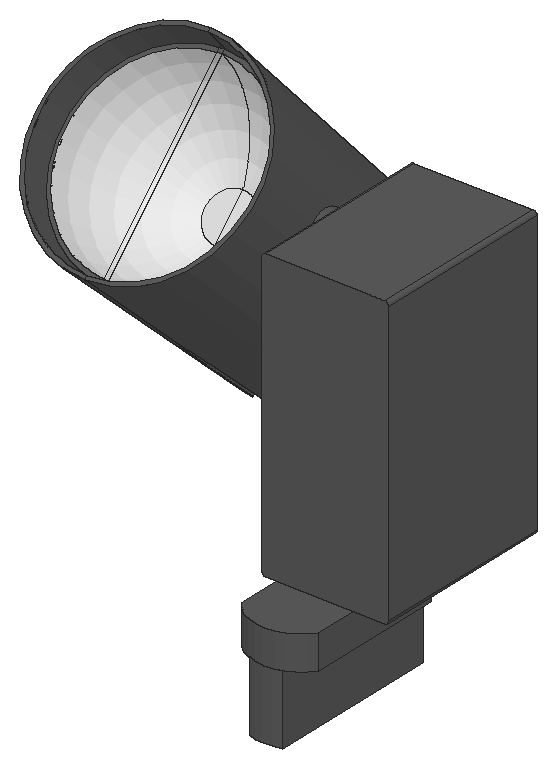
Revit family "0004848 Feilo Sylvania Lighting Fixture START TRACK SPOT S 14W 4K RA80 MB BLACK", category Lighting Fixtures, host Face, Revit 2017 (continued)
Definition of nested family "Start Track Spot Head"
  Types (96, lengths in mm): name | Wattage | built-in parameter 1150134 | Photometric Web File | Model | built-in parameter 1150105 | Lumens | built-in parameter 1150107 | built-in parameter 1150106 | HeadThickness_FEILO | HeadRibOffset_FEILO | HeadRibDepth_FEILO | HeadRibCutWidth_FEILO | HeadRibCutOffset_FEILO | HeadReflectorRadius_FEILO | HeadReflectorOffset_FEILO | HeadLEDRadius_FEILO | HeadHeight_FEILO | HeadDiffusorOffset_FEILO | HeadDiaOut_FEILO | HeadDiaIn_FEILO | HeadAxisFromTop_FEILO | Emit from Circle Diameter | built-in parameter 1150104 | Description | Apparent Load
    0004812 START TRACK SPOT S 14W 3K RA80 MB WHITE | 14 W | (empty or 0) | "0004812.ies" | "START TRACK SPOT S 14W 3K RA80 MB WHITE" | 120.32 (stored number, unit not read) | 1512 lm | 3000 (stored number, unit not read) | 1.2032 (stored number, unit not read) | 1.5 | 4.179 | 55.714 | 7.167 | 50.87 | 50.588 | 55.714 | 9.556 | 117 | 9.435 | 86 | 77.477 | 69.354 | 77.477 | 10.034 (stored number, unit not read) | "Integrated LED spotlight, Textured White - RAL9016, compact and minimalist design, ideal for retail applications, die-cast aluminium body, passive cooling heatsink. Beam angle: 36°, color temperature: 3000K , total system power: 14W, total fixture output: 1508 lm, LOR: 100%, colour rendering: Ra: 80 typical, LED Chromaticity: 3 step MacAdam ellipse, lifetime: >50000 hours at L70B50, energy class: A++, A+, A, IR/UV free light source without heat radiation, operating voltage: 220-240V / 50-60Hz, drive current: 350mA, electronic driver, non-dimmable, power factor: 0.92, electrical protection: Class II, Global Track 3 Phase adapter suitable for Global trac 3-circuit tracks, ingress protection rating: IP20, suitable for internal environment only, horizontal rotation: 355°, vertical tilt: 90°, dimensions: Ø86x140x200, weight: 0.940kg." | 14 VA
    0004811 START TRACK SPOT S 14W 3K RA80 NB WHITE | 14 W | (empty or 0) | "0004811.ies" | "START TRACK SPOT S 14W 3K RA80 NB WHITE" | 123.66 (stored number, unit not read) | 1554 lm | 3000 (stored number, unit not read) | 1.2366 (stored number, unit not read) | 1.5 | 4.179 | 55.714 | 7.167 | 50.87 | 50.588 | 55.714 | 9.556 | 117 | 9.435 | 86 | 77.477 | 69.354 | 77.477 | 10.312 (stored number, unit not read) | "Integrated LED spotlight, Textured White - RAL9016, compact and minimalist design, ideal for retail applications, die-cast aluminium body, passive cooling heatsink. Beam angle: 12°, color temperature: 3000K , total system power: 14W, total fixture output: 1551 lm, LOR: 100%, colour rendering: Ra: 80 typical, LED Chromaticity: 3 step MacAdam ellipse, lifetime: >50000 hours at L70B50, energy class: A++, A+, A, IR/UV free light source without heat radiation, operating voltage: 220-240V / 50-60Hz, drive current: 350mA, electronic driver, non-dimmable, power factor: 0.92, electrical protection: Class II, Global Track 3 Phase adapter suitable for Global trac 3-circuit tracks, ingress protection rating: IP20, suitable for internal environment only, horizontal rotation: 355°, vertical tilt: 90°, dimensions: Ø86x140x200, weight: 0.940kg." | 14 VA
  Reference planes
    plane 1 "Center (Front/Back)": y = 0
    plane 2: z = 0
    plane 3 "Center (Left/Right)": x = 0
    plane 4: x = 43
    plane 5: x = -43
    plane 6: x = -38.739
    plane 7: x = 38.739
    plane 8: z = 69.354
    plane 9: z = -47.646
    plane 10: x = -41.5
    plane 11: x = -37.239
    plane 12: z = -38.211
    plane 13: z = -35.211
    plane 14: z = 8.068
    plane 15: x = -9.556
    plane 16: x = -28.667
    plane 17: x = -19.111
    plane 18: x = -27.167
    plane 19: x = -17.611
    plane 20: x = -8.056
    plane 21: z = 13.64
    plane 22: x = -29.667
    plane 23: x = -26.167
    plane 24: x = -20.111
    plane 25: x = -16.611
    plane 26: x = -10.556
    plane 27: x = -7.056
    plane 28: x = -36.239
    plane 29: x = -40.5
    plane 30: z = 65.175
    plane 31: z = 60.997
    plane 32: z = 56.818
    plane 33: z = 18.484
    plane 34: y = -43
    plane 35: y = 43
    plane 36: y = 3.583
    plane 37: y = -3.583
    plane 38: y = -2.583
    plane 39: y = 2.583
    plane 40: y = 46
    plane 41: z = 13.5
    plane 42: z = -13.5
    plane 43: y = 39
    plane 44: x = 4.708
    plane 45: x = -2.458
    plane 46: x = -1.458
    plane 47: x = 1.458
  Forms (mm)
    Extrusion 1, solid
      sketch origin (4.2, 0, 0) x (1, 0, 0) y (0, 1, 0)
        loop
          line (-1219.2, 1219.2) -> (-1219.2, -1219.2) -> (1219.2, -1219.2) -> (1219.2, 1219.2) -> (-1219.2, 1219.2)
      from 0 to -68.017
    Revolve 2, solid, material <- "Material_1_FEILO", detail levels medium+fine
      sketch origin (0, 0, 0) x (1, 0, 0) y (0, 0, 1)
        loop
          line (-43, -47.646) -> (-41.5, -47.646) -> (-40.5, -35.211) -> (-38.739, -35.211)
          arc (-38.739, -35.211) -> (-30.16, -9.517) -> (-9.556, 8.068) r 50.588
          line (-9.556, 8.068) -> (0, 8.068) -> (0, 13.64) -> (-16.611, 13.64) -> (-17.611, 60.997) -> (-19.111, 60.997) -> (-20.111, 13.64) -> (-36.239, 13.64) -> (-37.239, 69.354) -> (-38.739, 69.354) -> (-43, -47.646)
        axis (0, 69.354) -> (0, -47.646)
      angle from 360 to 0
    Extrusion 3, void
      sketch origin (0, 0, 0) x (0, 1, 0) y (0, 0, 1)
        loop
          line (-3.583, 69.354) -> (-2.583, 18.484) -> (1.932, 18.484) -> (2.932, 69.354) -> (-3.583, 69.354)
      from 43 to -43
    Revolve 4, solid, material <- "Material_2_FEILO", detail levels medium+fine
      sketch origin (0, 0, 0) x (1, 0, 0) y (0, 0, 1)
        loop
          line (-41.5, -38.211) -> (0, -38.211) -> (0, -35.211) -> (-41.5, -35.211) -> (-41.5, -38.211)
        axis (0, -35.211) -> (0, -38.211)
      angle from 360 to 0
    Revolve 5, solid, material <- "Material_1_FEILO"
      sketch origin (0, 0, 0) x (0, 1, 0) y (0, 0, 1)
        loop
          line (46, 0) -> (39, 0) -> (39, -13.5) -> (46, -13.5) -> (46, 0)
        axis (39, 0) -> (46, 0)
      angle from 360 to 0
    Revolve 6, solid, material <- "Material_1_FEILO", detail levels medium+fine
      sketch origin (0, 0, 0) x (1, 0, 0) y (0, 0, 1)
        loop
          line (-29.667, 13.64) -> (-26.167, 13.64) -> (-27.167, 65.175) -> (-28.667, 65.175) -> (-29.667, 13.64)
        loop
          line (-10.556, 13.64) -> (-7.056, 13.64) -> (-7.833, 56.818) -> (-9.778, 56.818) -> (-10.556, 13.64)
        axis (0, 65.175) -> (0, 13.64)
      angle from 360 to 0
    Extrusion 7, void
      sketch origin (0, 0, 0) x (1, 0, 0) y (0, 0, 1)
        loop
          line (4.708, 69.354) -> (-2.458, 69.354) -> (-1.458, 13.64) -> (1.458, 13.64) -> (4.708, 69.354)
      from -43 to 43
    Revolve 8, solid, material <- "Material_1_FEILO", detail levels coarse
      sketch origin (0, 0, 0) x (1, 0, 0) y (0, 0, 1)
        loop
          line (0, 69.354) -> (-38.739, 69.354) -> (-43, -47.646) -> (-41.5, -47.646) -> (-40.731, -38.211) -> (0, -38.211) -> (0, 69.354)
        axis (0, 69.354) -> (0, -47.646)
      angle from 360 to 0
  Cuts and joins
    Extrusion 3 cuts Revolve 2
    Extrusion 7 cuts Revolve 6
  Dimensions and locks
    equal spacing: plane 7, plane 3 "Center (Left/Right)", plane 6
    equal spacing: plane 4, plane 3 "Center (Left/Right)", plane 5
    "HeadDiaOut_FEILO": plane 4 to plane 5
    "HeadDiaIn_FEILO": plane 7 to plane 6
    "HeadHeight_FEILO": plane 8 to plane 9
    "HeadThickness_FEILO": plane 10 to plane 5
    "HeadThickness_FEILO": plane 11 to plane 6
    "HeadDiffusorOffset_FEILO": plane 12 to plane 9
    "HeadDiffusorThickness_FEILO": plane 13 to plane 12
    "HeadReflectorOffset_FEILO": plane 14 to plane 9
    "HeadLEDRadius_FEILO": plane 3 "Center (Left/Right)" to plane 15
    "HeadLEDRadius_FEILO": plane 15 to plane 17
    "HeadLEDRadius_FEILO": plane 17 to plane 16
    "HeadThickness_FEILO": plane 18 to plane 16
    "HeadThickness_FEILO": plane 19 to plane 17
    "HeadThickness_FEILO": plane 20 to plane 15
    "HeadRibDepth_FEILO": plane 8 to plane 21
    "HeadDraft_FEILO": plane 16 to plane 22
    "HeadDraft_FEILO": plane 23 to plane 18
    "HeadDraft_FEILO": plane 17 to plane 24
    "HeadDraft_FEILO": plane 25 to plane 19
    "HeadDraft_FEILO": plane 15 to plane 26
    "HeadDraft_FEILO": plane 27 to plane 20
    "HeadDraft_FEILO": plane 29 to plane 10
    "HeadDraft_FEILO": plane 28 to plane 11
    "HeadRibOffset_FEILO": plane 8 to plane 30
    "HeadRibOffset_FEILO": plane 30 to plane 31
    "HeadRibOffset_FEILO": plane 31 to plane 32
    "HeadAxisFromTop_FEILO": plane 8 to plane 2
    "HeadRibCutOffset_FEILO": plane 8 to plane 33
    equal spacing: plane 34, plane 1 "Center (Front/Back)", plane 35
    "HeadDiaOut_FEILO": plane 34 to plane 35
    equal spacing: plane 38, plane 1 "Center (Front/Back)", plane 39
    equal spacing: plane 37, plane 1 "Center (Front/Back)", plane 36
    "HeadRibCutWidth_FEILO": plane 37 to plane 36
    "HeadDraft_FEILO": plane 37 to plane 38
    locked: plane 35 to plane 40 at 3
    equal spacing: plane 41, plane 2, plane 42
    locked: plane 42 to plane 41 at 27
    locked: plane 43 to plane 35 at 4
    equal spacing: plane 45, imposter light, plane 44
    "HeadDraft_FEILO": plane 46 to plane 45
    "HeadRibCutWidth_FEILO": plane 44 to plane 45
    equal spacing: plane 47, plane 3 "Center (Left/Right)", plane 46
    "HeadReflectorRadius_FEILO": radius of Revolve 2 sketch curve
    aligned and locked: plane 2 to Extrusion 1
    aligned and locked: level to Extrusion 1
    aligned and locked: Revolve 2 sketch curve to plane 3 "Center (Left/Right)"  (x2)
    aligned and locked: plane 9 to Revolve 2 sketch curve  (x2)
    aligned and locked: plane 5 to Revolve 2 sketch curve
    aligned and locked: plane 10 to Revolve 2 sketch curve
    aligned and locked: plane 14 to Revolve 2 sketch curve
    aligned and locked: plane 8 to Revolve 2 sketch curve
    aligned and locked: Revolve 2 sketch curve to plane 13
    aligned and locked: plane 12 to Revolve 4 sketch curve
    aligned and locked: plane 3 "Center (Left/Right)" to Revolve 4 sketch curve
    aligned and locked: Revolve 4 sketch curve to plane 10
    aligned and locked: Revolve 4 sketch curve to plane 3 "Center (Left/Right)"
    aligned and locked: plane 12 to imposter light
    aligned and locked: imposter light to plane 1 "Center (Front/Back)"
    aligned and locked: Revolve 5 sketch curve to plane 2
    aligned and locked: plane 43 to Revolve 5 sketch curve
    aligned and locked: plane 42 to Revolve 5 sketch curve
    aligned and locked: Revolve 6 sketch curve to plane 3 "Center (Left/Right)"
    aligned and locked: plane 22 to Revolve 6 sketch curve
    aligned and locked: plane 30 to Revolve 6 sketch curve
    aligned and locked: plane 23 to Revolve 6 sketch curve
    aligned and locked: Revolve 6 sketch curve to plane 21  (x2)
    aligned and locked: plane 21 to Revolve 6 sketch curve
    aligned and locked: plane 17 to Revolve 2 sketch curve
    aligned and locked: plane 19 to Revolve 2 sketch curve
    aligned and locked: plane 31 to Revolve 2 sketch curve
    aligned and locked: plane 21 to Revolve 2 sketch curve
    aligned and locked: Extrusion 3 to plane 8
    aligned and locked: plane 33 to Extrusion 3
    aligned and locked: plane 8 to Extrusion 3 sketch curve
    aligned and locked: Extrusion 3 sketch curve to plane 33
    aligned and locked: Extrusion 3 to plane 5
    aligned and locked: plane 4 to Extrusion 3
    aligned and locked: plane 32 to Revolve 6 sketch curve
    aligned and locked: plane 44 to Extrusion 7 sketch curve
    aligned and locked: Extrusion 7 sketch curve to plane 8
    aligned and locked: plane 46 to Extrusion 7 sketch curve
    aligned and locked: plane 21 to Extrusion 7 sketch curve
    aligned and locked: plane 34 to Extrusion 7
    aligned and locked: Extrusion 7 to plane 35
    aligned and locked: Revolve 4 sketch curve to plane 13
    aligned and locked: Revolve 5 sketch curve to plane 40
    aligned and locked: Revolve 8 sketch curve to plane 3 "Center (Left/Right)"
    aligned and locked: Revolve 8 sketch curve to cut or joined group of Revolve 2, Extrusion 3  (x3)
    aligned and locked: plane 5 to Revolve 8 sketch curve
    aligned and locked: plane 3 "Center (Left/Right)" to Revolve 8 sketch curve
    aligned and locked: plane 12 to Revolve 8 sketch curve
  Automatic sketch dimensions
    Extrusion 1 sketch curve to Extrusion 1 sketch curve = 2438.4 mm  (x2)
    Extrusion 3 sketch curve to plane 37 = 0 mm
    Extrusion 3 sketch curve to plane 38 = 0 mm
    plane 39 to Extrusion 3 sketch curve = 0.651 mm
    Extrusion 3 sketch curve to plane 39 = 0.349 mm
    Revolve 6 sketch curve to plane 16 = 0 mm
    Revolve 6 sketch curve to plane 18 = 0 mm
    Revolve 6 sketch curve to plane 26 = 0 mm
    Revolve 6 sketch curve to plane 27 = 0 mm
    Revolve 6 sketch curve to plane 15 = 0.222 mm
    plane 9 to Revolve 6 sketch curve = 559.103 mm
    Revolve 6 sketch curve to plane 8 = 2535.555 mm
    plane 20 to Revolve 6 sketch curve = 0.222 mm
    Revolve 2 sketch curve to plane 29 = 0 mm
    Revolve 2 sketch curve to plane 6 = 0 mm  (x2)
    Revolve 2 sketch curve to plane 11 = 0 mm
    Revolve 2 sketch curve to plane 21 = 0 mm
    Revolve 2 sketch curve to plane 28 = 0 mm
    Revolve 2 sketch curve to plane 24 = 0 mm
    Revolve 2 sketch curve to plane 25 = 0 mm
    Revolve 2 sketch curve to plane 15 = 0 mm
    Revolve 2 sketch curve to Revolve 2 sketch curve = 557.155 mm
    Revolve 2 sketch curve to plane 8 = 2535.558 mm
    Extrusion 7 sketch curve to plane 45 = 0 mm
    Extrusion 7 sketch curve to plane 47 = 0 mm
    plane 9 to Revolve 4 sketch curve = 559.103 mm
    Revolve 4 sketch curve to plane 8 = 2535.555 mm
    Revolve 5 sketch curve to level = 0 mm
    plane 34 to Revolve 5 sketch curve = 1968.092 mm
    Revolve 5 sketch curve to plane 40 = 1405.763 mm
    Revolve 8 sketch curve to plane 6 = 0 mm
    Revolve 8 sketch curve to plane 29 = 0.231 mm
    plane 9 to Revolve 8 sketch curve = 559.103 mm
    Revolve 8 sketch curve to Revolve 8 sketch curve = 2535.555 mm
Definition of nested family "Start Track Spot Box"
  Parameters (values of type "Type Large White")
    URL = "http://www.feilosylvania.com"
    Type Image = (empty or 0)
    Type Comments = "n/a"
    Small_FEILO = no
    Material_3_FEILO = none
    Model = ""
    Manufacturer = "Feilo Sylvania"
    Keynote = ""
    Material_2_FEILO = none
    Description = ""
    Default Elevation = 1219.2 mm
    Cost = 0
    Material_1_FEILO = none
    BoxWidth_FEILO = 49 mm
    BoxStartAngle_FEILO [instance] = 0.00°
    BoxRadius_FEILO = 1.5 mm
    BoxHeight_FEILO = if(Small_FEILO, 112 mm, 136 mm)  # 136 mm
    BoxEndAngle_FEILO [instance] = BoxStartAngle_FEILO - 180.00°  # -180.00°
    BoxDepth_FEILO = if(Small_FEILO, 71.5 mm, 79 mm)  # 79 mm
    BoxAxisVerticalOffset_FEILO = 16 mm
    BoxAxisOffset_FEILO = BoxHeight_FEILO / 6.8  # 20 mm
    Assembly Code = ""
    Material_4_FEILO = none
  Types (4, lengths in mm): name | Small_FEILO | BoxHeight_FEILO | BoxDepth_FEILO | BoxAxisOffset_FEILO
    Type Large White | no | 136 | 79 | 20
    Type Small White | yes | 112 | 71.5 | 16.471
    Type Small Black | yes | 112 | 71.5 | 16.471
    Type Large Black | no | 136 | 79 | 20
  Reference planes
    plane 1 "Center (Front/Back)": y = 0
    plane 2: z = 0
    plane 3 "Center (Left/Right)": x = 0
    plane 4: x = 24.5
    plane 5: x = -24.5
    plane 6: y = 68
    plane 7: y = -68
    plane 8: z = 39.5
    plane 9: z = -39.5
    plane 10: y = -48
    plane 11: x = 30.5
    plane 12: x = 8.5
    plane 13: x = 21.5
    plane 14: y = 70
    plane 15: y = 72
    plane 16: x = 19.5
  Forms (mm)
    Extrusion 1, solid
      sketch origin (4.2, 0, 0) x (1, 0, 0) y (0, 1, 0)
        loop
          line (-1219.2, 1219.2) -> (-1219.2, -1219.2) -> (1219.2, -1219.2) -> (1219.2, 1219.2) -> (-1219.2, 1219.2)
      from 0 to -68.017
    Extrusion 2, solid, material <- "Material_1_FEILO"
      sketch origin (0, 0, 0) x (1, 0, 0) y (0, 1, 0)
        loop
          arc (-23, 68) -> (-24.061, 67.561) -> (-24.5, 66.5) r 1.5
          line (-24.5, 66.5) -> (-24.5, -66.5)
          arc (-24.5, -66.5) -> (-24.061, -67.561) -> (-23, -68) r 1.5
          line (-23, -68) -> (23, -68)
          arc (23, -68) -> (24.061, -67.561) -> (24.5, -66.5) r 1.5
          line (24.5, -66.5) -> (24.5, 66.5)
          arc (24.5, 66.5) -> (24.061, 67.561) -> (23, 68) r 1.5
          line (23, 68) -> (-23, 68)
      from -39.5 to 39.5
    Revolve 3, solid, not visible
      sketch origin (0, 0, 0) x (1, 0, 0) y (0, 1, 0)
        loop
          line (30.5, -48) -> (24.5, -48) -> (24.5, -68) -> (30.5, -68) -> (30.5, -48)
        axis (30.5, -48) -> (24.5, -48)
      angle from 0 <- "BoxStartAngle_FEILO" to -180 <- "BoxEndAngle_FEILO"
    Revolve 4, solid, material <- "Material_2_FEILO"
      sketch origin (0, 0, 0) x (1, 0, 0) y (0, 1, 0)
        loop
          line (8.5, 68) -> (19.5, 68) -> (19.5, 70) -> (21.5, 70) -> (21.5, 72) -> (8.5, 72) -> (8.5, 68)
        axis (8.5, 72) -> (8.5, 68)
      angle from 360 to 0
  Dimensions and locks
    equal spacing: plane 5, plane 3 "Center (Left/Right)", plane 4
    "BoxWidth_FEILO": plane 5 to plane 4
    equal spacing: plane 7, plane 1 "Center (Front/Back)", plane 6
    "BoxHeight_FEILO": plane 7 to plane 6
    equal spacing: plane 8, plane 2, plane 9
    "BoxDepth_FEILO": plane 8 to plane 9
    "BoxAxisOffset_FEILO": plane 7 to plane 10
    locked: plane 4 to plane 11 at 6
    "BoxAxisVerticalOffset_FEILO": plane 12 to plane 4
    locked: plane 12 to plane 13 at 13
    plane 6 to plane 14 to plane 15 = 2 mm locked, 2 mm locked
    locked: plane 12 to plane 16 at 11
    "BoxRadius_FEILO": radius of Extrusion 2 sketch curve  (x4)
    aligned and locked: plane 2 to Extrusion 1
    aligned and locked: level to Extrusion 1
    aligned and locked: plane 6 to Extrusion 2 sketch curve
    aligned and locked: plane 5 to Extrusion 2 sketch curve
    aligned and locked: Extrusion 2 sketch curve to plane 7
    aligned and locked: Extrusion 2 sketch curve to plane 4
    aligned and locked: Extrusion 2 to plane 8
    aligned and locked: plane 9 to Extrusion 2
    aligned and locked: Revolve 3 sketch curve to plane 10  (x2)
    aligned and locked: plane 11 to Revolve 3 sketch curve
    aligned and locked: Revolve 3 sketch curve to plane 4
    aligned and locked: plane 7 to Revolve 3 sketch curve
    aligned and locked: Revolve 4 sketch curve to plane 12
    aligned and locked: plane 6 to Revolve 4 sketch curve
    aligned and locked: plane 12 to Revolve 4 sketch curve
    aligned and locked: plane 15 to Revolve 4 sketch curve
    aligned and locked: Revolve 4 sketch curve to plane 13
    aligned and locked: Revolve 4 sketch curve to plane 14
    aligned and locked: Revolve 4 sketch curve to plane 16
    aligned and locked: Revolve 4 sketch curve to plane 6
  Automatic sketch dimensions
    Extrusion 1 sketch curve to Extrusion 1 sketch curve = 2438.4 mm  (x2)
    Revolve 3 sketch curve to plane 5 = 1499.5 mm
    plane 11 to Revolve 3 sketch curve = 1493.5 mm
    plane 15 to Revolve 4 sketch curve = 0 mm
    plane 7 to Revolve 4 sketch curve = 1456 mm
    Revolve 4 sketch curve to plane 15 = 1452 mm
